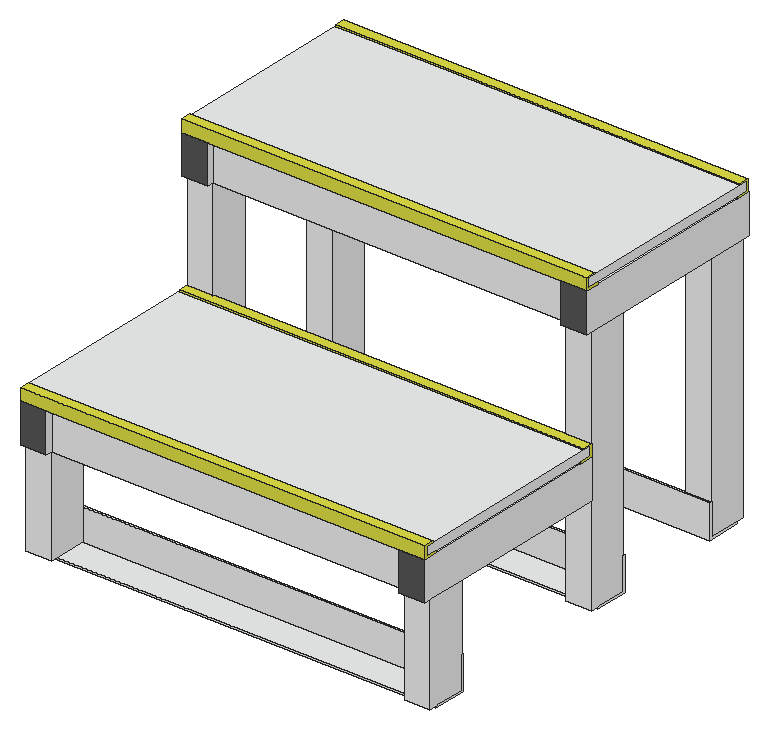
Revit family "Step_Kattsafe_Double", category Specialty Equipment, Revit 2025
Family settings
  Round Connector Dimension = Use Diameter
  Part Type = Normal
  OmniClass Number = 23.17.23.15
  Work Plane-Based = No
  Enable Cutting in Views = No
  Always vertical = Yes
  Cut with Voids When Loaded = No
  Maintain Annotation Orientation = No
  Shared = No
  Room Calculation Point = No
Parameters (values of type "Step Up (ST552.300)")
  Uniclass2015Version = "Products v1.23"
  Uniclass2015Title = "Step-over ladders"
  Uniclass2015Code = "Pr_25_30_85_85"
  URL = "https://kattsafe.com.au/"
  Type IFC Predefined Type = "USERDEFINED"
  Type Comments = "Double Step Up"
  TopPlatformDepth = if(StepOver, 600 mm, 300 mm)  # 300 mm
  StepOver = no
  SafetyDisclaimer [instance] = "WARNING! The correct placement of access, fall protection and facade maintenance systems is critical to ensure it is fit-for-purpose and safe for the operator to use. Did you know Kattsafe® have a dedicated team of Height Safety System Design Specialists? Kattsafe® provide one-on-one consultation and system design assistance to ensure you are meeting the stringent requirements of height safety and to give you PEACE OF MIND with your project."  # constant formula
  PlatformMaterial = Aluminum_Kattsafe_Mesh_Walkway
  ModifiedIssue = 20240430
  Model = "ST552.300"
  Material = Aluminum_Kattsafe_Satin
  ManufacturerURLProductSpecific = "https://kattsafe.com.au/products/platforms-stairs/steps/double-step-st552"
  ManufacturerSpecCode = Model  # "ST552.300"
  ManufacturerOverallWidth = 600 mm  # constant formula
  ManufacturerOverallHeight = 450 mm
  ManufacturerOverallDepth = if(StepOver, 1200 mm, 600 mm)  # 600 mm
  ManufacturerHeightFromFFL [instance] = 0 mm
  Manufacturer = "Kattsafe®"  # constant formula
  IfcExportType = "USERDEFINED"
  IfcExportAs = "IfcBuildingElementProxy"
  Export Type to IFC As = "IfcBuildingElementProxy"
  ElementType = "Ladder"
  Description = "Kattsafe steps provide safe and easy access to varying heights including roof areas, service platforms and other elevated areas where frequent access is required. Manufactured to Australian Standard AS/NZS 1657:2018 which ensures a high level of safety and confidence for maintenance personnel. Available in single and double configurations"  # constant formula
  Default Elevation = 0 mm
  CreatedByURL = "https://igsgroup.com.au"
  CreatedBy = "IGS BIM Solutions"  # constant formula
  BackOffsetValid = if(StepOver, 300 mm, 0 mm)  # 0 mm
  Assembly Code = "E1090100"
Types (2, lengths in mm): name | Type Comments | TopPlatformDepth | StepOver | Model | ManufacturerSpecCode | ManufacturerOverallDepth | BackOffsetValid
  Step Up (ST552.300) | "Double Step Up" | 300 | no | "ST552.300" | "ST552.300" | 600 | 0
  Step Over (ST552.600) | "Double Step Over" | 600 | yes | "ST552.600" | "ST552.600" | 1200 | 300
Reference planes
  plane 1 "Center (Front/Back)": y = 57.6
  plane 2 "Ref. Level": z = 0
  plane 3 "Centre (Left/Right)": x = 0
  plane 4 "PlatformBack": y = 357.6
  plane 5 "PlatformFront": y = 57.6
  plane 6 "Right": x = 300
  plane 7 "Left": x = -300
  plane 8 "Bottom": z = 0
  plane 9 "Centre (Elevation)": z = 225
  plane 10 "Top": z = 450
  plane 11 "PlatformFrameBack": y = 347.6
  plane 12 "Center L/U": y = 67.6
  plane 13 "LeftLegInternal": x = -262
  plane 14 "RightLegInternal": x = 262
  plane 15 "PlatformFrameBackInternal": y = 309.6
  plane 16 "PlatformFrameFrontInternal": y = 105.6
  plane 17 "PlatformFrameTop": z = 432
  plane 18 "PlatformFrameBottom": z = 374
  plane 19 "PlatformLeg2Front": y = 289.6
  plane 20 "PlatformLeg1Back": y = 125.6
  plane 21 "LegBottom": z = 3
  plane 22 "PlatformMeshTop": z = 448
  plane 23 "PlatformMeshBottom": z = 435
  plane 24 "Front": y = -242.4
  plane 25 "StepMeshTop": z = 223
  plane 26 "StepMeshBottom": z = 210
  plane 27 "StepFrameTop": z = 207
  plane 28 "StepFrameBottom": z = 149
  plane 29 "Step1FrameFront": y = -232.4
  plane 30 "Step1FrameBacktInternal": y = 19.6
  plane 31 "Step1FrameFrontInternal": y = -194.4
  plane 32 "Step1LegBack": y = -174.2
  plane 33 "Center L/RR": y = 657.6
  plane 34 "Step2FrameBack": y = 647.6
  plane 35 "Step2FrameFrontInternal": y = 395.6
  plane 36 "Step2FrameBackInternal": y = 609.6
  plane 37 "Step2LegFront": y = 589.4
  plane 38 "Back": y = 357.6
Forms (mm)
  Extrusion 1, solid, material "Aluminum_Kattsafe_Satin" <- "Material"
    sketch origin (0, 0, 0) x (1, 0, 0) y (0, 1, 0)
      loop
        line (262, 347.6) -> (-262, 347.6) -> (-262, 357.6) -> (-300, 357.6) -> (-300, 57.6) -> (-262, 57.6) -> (-262, 67.6) -> (262, 67.6) -> (262, 57.6) -> (300, 57.6) -> (300, 357.6) -> (262, 357.6) -> (262, 347.6)
      loop
        line (262, 309.6) -> (-262, 309.6) -> (-262, 105.6) -> (262, 105.6) -> (262, 309.6)
    from 374 to 432
  Extrusion 2, solid, material "Aluminum_Kattsafe_Satin" <- "Material"
    sketch origin (0, 0, 0) x (1, 0, 0) y (0, 1, 0)
      loop
        line (-300, 347.6) -> (-300, 289.6) -> (-262, 289.6) -> (-262, 347.6) -> (-300, 347.6)
      loop
        line (-300, 125.6) -> (-300, 67.6) -> (-262, 67.6) -> (-262, 125.6) -> (-300, 125.6)
      loop
        line (262, 125.6) -> (262, 67.6) -> (300, 67.6) -> (300, 125.6) -> (262, 125.6)
      loop
        line (262, 347.6) -> (262, 289.6) -> (300, 289.6) -> (300, 347.6) -> (262, 347.6)
    from 3 to 374
  Extrusion 3, solid, material "Aluminum_Kattsafe_Satin" <- "Material"
    sketch origin (0, 0, 0) x (0, 1, 0) y (0, 0, 1)
      loop
        line (289.6, 50) -> (286.6, 50) -> (286.6, 0) -> (336.6, 0) -> (336.6, 3) -> (289.6, 3) -> (289.6, 50)
      loop
        line (125.6, 50) -> (125.6, 3) -> (78.6, 3) -> (78.6, 0) -> (128.6, 0) -> (128.6, 50) -> (125.6, 50)
      loop
        line (-174.2, 50) -> (-174.2, 3) -> (-221.2, 3) -> (-221.2, 0) -> (-171.2, 0) -> (-171.2, 50) -> (-174.2, 50)
    from -300 to 300
  Extrusion 4, solid, material "Aluminum_PowderCoat_Kattsafe_Yellow"
    sketch origin (0, 0, 0) x (0, 1, 0) y (0, 0, 1)
      loop
        line (357.6, 450) -> (342.6, 450) -> (342.6, 448) -> (354.6, 448) -> (354.6, 435) -> (337.6, 435) -> (337.6, 432) -> (357.6, 432) -> (357.6, 450)
      loop
        line (57.6, 450) -> (57.6, 432) -> (77.6, 432) -> (77.6, 435) -> (60.6, 435) -> (60.6, 448) -> (72.6, 448) -> (72.6, 450) -> (57.6, 450)
      loop
        line (67.6, 225) -> (52.6, 225) -> (52.6, 223) -> (64.6, 223) -> (64.6, 210) -> (47.6, 210) -> (47.6, 207) -> (67.6, 207) -> (67.6, 225)
      loop
        line (-242.4, 225) -> (-242.4, 207) -> (-222.4, 207) -> (-222.4, 210) -> (-239.4, 210) -> (-239.4, 223) -> (-227.4, 223) -> (-227.4, 225) -> (-242.4, 225)
    from -300 to 300
  Extrusion 5, solid, material "Aluminum_Kattsafe_Mesh_Walkway" <- "PlatformMaterial"
    sketch origin (0, 0, 0) x (1, 0, 0) y (0, 1, 0)
      loop
        line (-300, 352.6) -> (-300, 62.6) -> (300, 62.6) -> (300, 352.6) -> (-300, 352.6)
    from 435 to 448
  Extrusion 6, solid, material "Aluminum_Kattsafe_Satin" <- "Material"
    sketch origin (0, 0, 0) x (1, 0, 0) y (0, 1, 0)
      loop
        line (-262, -232.4) -> (262, -232.4) -> (262, -242.4) -> (300, -242.4) -> (300, 67.6) -> (262, 67.6) -> (262, 57.6) -> (-262, 57.6) -> (-262, 67.6) -> (-300, 67.6) -> (-300, -242.4) -> (-262, -242.4) -> (-262, -232.4)
      loop
        line (-262, 19.6) -> (-262, -194.4) -> (262, -194.4) -> (262, 19.6) -> (-262, 19.6)
    from 149 to 207
  Extrusion 7, solid, material "Aluminum_Kattsafe_Satin" <- "Material", visible <- "StepOver"
    sketch origin (-653, 1044.8, 0) x (1, 0, 0) y (0, 1, 0)
      loop
        line (391, -687.2) -> (915, -687.2) -> (915, -697.2) -> (953, -697.2) -> (953, -387.2) -> (915, -387.2) -> (915, -397.2) -> (391, -397.2) -> (391, -387.2) -> (353, -387.2) -> (353, -697.2) -> (391, -697.2) -> (391, -687.2)
      loop
        line (391, -435.2) -> (391, -649.2) -> (915, -649.2) -> (915, -435.2) -> (391, -435.2)
    from 149 to 207
  Extrusion 8, solid, material "Aluminum_Kattsafe_Satin" <- "Material", visible <- "StepOver"
    sketch origin (0, 0, 0) x (0, 1, 0) y (0, 0, 1)
      loop
        line (586.4, 0) -> (636.4, 0) -> (636.4, 3) -> (589.4, 3) -> (589.4, 50) -> (586.4, 50) -> (586.4, 0)
    from -300 to 300
  Extrusion 9, solid, material "Aluminum_Kattsafe_Satin" <- "Material"
    sketch origin (0, 0, 0) x (1, 0, 0) y (0, 1, 0)
      loop
        line (-300, -174.2) -> (-300, -232.4) -> (-262, -232.4) -> (-262, -174.2) -> (-300, -174.2)
      loop
        line (262, -174.2) -> (262, -232.4) -> (300, -232.4) -> (300, -174.2) -> (262, -174.2)
    from 3 to 149
  Extrusion 10, solid, material "Aluminum_Kattsafe_Mesh_Walkway" <- "PlatformMaterial"
    sketch origin (0, 0, 0) x (1, 0, 0) y (0, 1, 0)
      loop
        line (-300, 62.6) -> (-300, -237.4) -> (300, -237.4) -> (300, 62.6) -> (-300, 62.6)
    from 210 to 223
  Extrusion 11, solid, material "Aluminum_Kattsafe_Mesh_Walkway" <- "PlatformMaterial", visible <- "StepOver"
    sketch origin (40, 1415.2, 0) x (1, 0, 0) y (0, 1, 0)
      loop
        line (-340, -762.6) -> (-340, -1062.6) -> (260, -1062.6) -> (260, -762.6) -> (-340, -762.6)
    from 210 to 223
  Extrusion 12, solid, material "Aluminum_Kattsafe_Satin" <- "Material", visible <- "StepOver"
    sketch origin (0, 0, 0) x (1, 0, 0) y (0, 1, 0)
      loop
        line (-300, 589.4) -> (-262, 589.4) -> (-262, 647.6) -> (-300, 647.6) -> (-300, 589.4)
      loop
        line (262, 589.4) -> (300, 589.4) -> (300, 647.6) -> (262, 647.6) -> (262, 589.4)
    from 3 to 149
  Extrusion 13, solid, material "Aluminum_PowderCoat_Kattsafe_Yellow", visible <- "StepOver"
    sketch origin (0, 0, 0) x (0, 1, 0) y (0, 0, 1)
      loop
        line (654.6, 223) -> (654.6, 210) -> (637.6, 210) -> (637.6, 207) -> (657.6, 207) -> (657.6, 225) -> (642.6, 225) -> (642.6, 223) -> (654.6, 223)
      loop
        line (350.6, 210) -> (350.6, 223) -> (362.6, 223) -> (362.6, 225) -> (347.6, 225) -> (347.6, 207) -> (367.6, 207) -> (367.6, 210) -> (350.6, 210)
    from -300 to 300
Lines and regions (mm)
  Masking region 1
    outline origin (0, 0, 0) x (0, -1, 0) y (1, 0, 0)
      loop
        line (-357.6, -300) -> (242.4, -300) -> (242.4, 300) -> (-357.6, 300) -> (-357.6, -300)
  symbolic lines, style "Ladders"
    curve 1: line (300, 57.6, 0) -> (-300, 57.6, 0)
  symbolic lines, style "Ladders", visible <- "StepOver"
    curve 2: line (300, 357.6, 0) -> (-300, 357.6, 0)
  symbolic lines, style "Ladders", detail levels medium+fine
    curve 3: line (300, -227.4, 0) -> (-300, -227.4, 0)
    curve 4: line (300, 72.6, 0) -> (-300, 72.6, 0)
    curve 5: line (-300, 342.6, 0) -> (300, 342.6, 0)
    curve 8: line (-300, 52.6, 0) -> (300, 52.6, 0)
  symbolic lines, style "Ladders", visible <- "StepOver", detail levels medium+fine
    curve 6: line (-300, 642.6, 0) -> (300, 642.6, 0)
    curve 7: line (300, 362.6, 0) -> (-300, 362.6, 0)
Text (mm)
  text "Disclaimer:\nDue to ongoing product development and manufacturing \nevolution, product details are subject to change without \nnotice. Please refer to product technical data sheets on \nthe manufacturers website for the most current product \ninformation. Please allow a +/- 5mm manufacturing \ntolerance for dimensions and set-outs shown in product \nliterature." at (985.527, 159.228, 0), in view "Ref. Level"
Dimensions and locks
  equal spacing: plane 7 "Left", plane 3 "Centre (Left/Right)", plane 6 "Right"
  "ManufacturerOverallWidth": plane 7 "Left" to plane 6 "Right"
  "ManufacturerOverallDepth": plane 24 "Front" to plane 38 "Back"
  equal spacing: plane 10 "Top", plane 9 "Centre (Elevation)", plane 8 "Bottom"
  "ManufacturerOverallHeight": plane 10 "Top" to plane 8 "Bottom"
  "ManufacturerHeightFromFFL": plane 8 "Bottom" to plane 2 "Ref. Level"
  locked: plane 5 "PlatformFront" to plane 12 "Center L/U" at 10
  locked: plane 11 "PlatformFrameBack" to plane 4 "PlatformBack" at 10
  locked: plane 7 "Left" to plane 13 "LeftLegInternal" at 38
  locked: plane 14 "RightLegInternal" to plane 6 "Right" at 38
  locked: plane 15 "PlatformFrameBackInternal" to plane 11 "PlatformFrameBack" at 38
  locked: plane 12 "Center L/U" to plane 16 "PlatformFrameFrontInternal" at 38
  locked: plane 10 "Top" to plane 17 "PlatformFrameTop" at 18
  locked: plane 17 "PlatformFrameTop" to plane 18 "PlatformFrameBottom" at 58
  locked: plane 12 "Center L/U" to plane 20 "PlatformLeg1Back" at 58
  locked: plane 19 "PlatformLeg2Front" to plane 11 "PlatformFrameBack" at 58
  locked: plane 21 "LegBottom" to plane 8 "Bottom" at 3
  locked: plane 8 "Bottom" to Extrusion 3 sketch curve at 50
  locked: Extrusion 5 sketch curve to plane 4 "PlatformBack" at 5
  locked: plane 5 "PlatformFront" to Extrusion 5 sketch curve at 5
  locked: plane 10 "Top" to plane 22 "PlatformMeshTop" at 2
  locked: plane 23 "PlatformMeshBottom" to plane 17 "PlatformFrameTop" at 3
  locked: plane 9 "Centre (Elevation)" to plane 25 "StepMeshTop" at 2
  locked: plane 26 "StepMeshBottom" to plane 27 "StepFrameTop" at 3
  locked: plane 9 "Centre (Elevation)" to plane 27 "StepFrameTop" at 18
  locked: plane 27 "StepFrameTop" to plane 28 "StepFrameBottom" at 58
  locked: plane 24 "Front" to plane 29 "Step1FrameFront" at 10
  locked: plane 30 "Step1FrameBacktInternal" to plane 5 "PlatformFront" at 38
  locked: plane 29 "Step1FrameFront" to plane 31 "Step1FrameFrontInternal" at 38
  locked: plane 29 "Step1FrameFront" to plane 32 "Step1LegBack" at 58.2
  plane 12 "Center L/U" to Extrusion 4 sketch curve to Extrusion 4 sketch curve to Extrusion 4 sketch curve = 3 mm locked, 12 mm locked, 5 mm locked
  plane 4 "PlatformBack" to Extrusion 4 sketch curve to Extrusion 4 sketch curve to Extrusion 4 sketch curve = 3 mm locked, 12 mm locked, 5 mm locked
  Extrusion 4 sketch curve to Extrusion 4 sketch curve to Extrusion 4 sketch curve to plane 5 "PlatformFront" = 5 mm locked, 12 mm locked, 3 mm locked
  Extrusion 10 sketch curve to plane 12 "Center L/U" = 5 mm
  Extrusion 10 sketch curve to plane 24 "Front" = 5 mm
  Extrusion 4 sketch curve to Extrusion 4 sketch curve to Extrusion 4 sketch curve to plane 24 "Front" = 5 mm locked, 12 mm locked, 3 mm locked
  locked: plane 33 "Center L/RR" to plane 34 "Step2FrameBack" at 10
  locked: plane 35 "Step2FrameFrontInternal" to plane 4 "PlatformBack" at 38
  locked: plane 34 "Step2FrameBack" to plane 36 "Step2FrameBackInternal" at 38
  locked: plane 34 "Step2FrameBack" to plane 37 "Step2LegFront" at 58.2
  locked: plane 33 "Center L/RR" to plane 4 "PlatformBack" at 300
  locked: plane 37 "Step2LegFront" to Extrusion 8 sketch curve at 3
  locked: Extrusion 8 sketch curve to plane 37 "Step2LegFront" at 47
  locked: plane 33 "Center L/RR" to Extrusion 11 sketch curve at 5
  locked: Extrusion 11 sketch curve to plane 11 "PlatformFrameBack" at 5
  plane 33 "Center L/RR" to Extrusion 13 sketch curve to Extrusion 13 sketch curve to Extrusion 13 sketch curve = 3 mm locked, 12 mm locked, 5 mm locked
  Extrusion 13 sketch curve to Extrusion 13 sketch curve to Extrusion 13 sketch curve to plane 11 "PlatformFrameBack" = 5 mm locked, 12 mm locked, 3 mm locked
  equal spacing: plane 24 "Front", plane 1 "Center (Front/Back)", plane 38 "Back"
  "BackOffsetValid": plane 4 "PlatformBack" to plane 38 "Back"
  locked: plane 24 "Front" to plane 5 "PlatformFront" at 300
  Extrusion 3 sketch curve to plane 32 "Step1LegBack" to Extrusion 3 sketch curve = 3 mm locked, 47 mm locked
  Extrusion 3 sketch curve to plane 19 "PlatformLeg2Front" to Extrusion 3 sketch curve = 47 mm locked, 3 mm locked
  Extrusion 3 sketch curve to plane 20 "PlatformLeg1Back" to Extrusion 3 sketch curve = 3 mm locked, 47 mm locked
  aligned and locked: level to plane 2 "Ref. Level"
  aligned and locked: Extrusion 1 sketch curve to plane 11 "PlatformFrameBack"
  aligned and locked: Extrusion 1 sketch curve to plane 7 "Left"
  aligned and locked: Extrusion 1 sketch curve to plane 6 "Right"
  aligned and locked: Extrusion 1 sketch curve to plane 12 "Center L/U"
  aligned and locked: Extrusion 1 sketch curve to plane 15 "PlatformFrameBackInternal"
  aligned and locked: Extrusion 1 sketch curve to plane 13 "LeftLegInternal"  (x3)
  aligned and locked: Extrusion 1 sketch curve to plane 16 "PlatformFrameFrontInternal"
  aligned and locked: Extrusion 1 sketch curve to plane 14 "RightLegInternal"  (x3)
  aligned and locked: Extrusion 1 to plane 17 "PlatformFrameTop"
  aligned and locked: plane 18 "PlatformFrameBottom" to Extrusion 1
  aligned and locked: Extrusion 1 sketch curve to plane 4 "PlatformBack"  (x2)
  aligned and locked: Extrusion 1 sketch curve to plane 5 "PlatformFront"  (x2)
  aligned and locked: plane 11 "PlatformFrameBack" to Extrusion 2 sketch curve  (x2)
  aligned and locked: Extrusion 2 sketch curve to plane 19 "PlatformLeg2Front"  (x2)
  aligned and locked: Extrusion 2 sketch curve to plane 6 "Right"  (x2)
  aligned and locked: plane 14 "RightLegInternal" to Extrusion 2 sketch curve  (x2)
  aligned and locked: plane 7 "Left" to Extrusion 2 sketch curve  (x2)
  aligned and locked: Extrusion 2 sketch curve to plane 13 "LeftLegInternal"  (x2)
  aligned and locked: plane 20 "PlatformLeg1Back" to Extrusion 2 sketch curve  (x2)
  aligned and locked: Extrusion 2 sketch curve to plane 12 "Center L/U"  (x2)
  aligned and locked: Extrusion 2 to plane 18 "PlatformFrameBottom"
  aligned and locked: plane 21 "LegBottom" to Extrusion 2
  aligned and locked: plane 19 "PlatformLeg2Front" to Extrusion 3 sketch curve
  aligned and locked: plane 20 "PlatformLeg1Back" to Extrusion 3 sketch curve
  aligned and locked: plane 8 "Bottom" to Extrusion 3 sketch curve  (x2)
  aligned and locked: plane 21 "LegBottom" to Extrusion 3 sketch curve  (x2)
  aligned and locked: Extrusion 3 sketch curve to Extrusion 3 sketch curve
  aligned and locked: plane 6 "Right" to Extrusion 3
  aligned and locked: Extrusion 3 to plane 7 "Left"
  aligned and locked: plane 17 "PlatformFrameTop" to Extrusion 4 sketch curve
  aligned and locked: Extrusion 4 sketch curve to plane 10 "Top"
  aligned and locked: plane 10 "Top" to Extrusion 4 sketch curve
  aligned and locked: Extrusion 4 sketch curve to plane 17 "PlatformFrameTop"
  aligned and locked: Extrusion 4 to plane 7 "Left"
  aligned and locked: plane 6 "Right" to Extrusion 4
  aligned and locked: plane 7 "Left" to Extrusion 5 sketch curve
  aligned and locked: Extrusion 5 sketch curve to plane 6 "Right"
  aligned and locked: Extrusion 5 to plane 22 "PlatformMeshTop"
  aligned and locked: plane 23 "PlatformMeshBottom" to Extrusion 5
  aligned and locked: Extrusion 4 sketch curve to plane 5 "PlatformFront"
  aligned and locked: Extrusion 4 sketch curve to plane 4 "PlatformBack"
  aligned and locked: Extrusion 6 sketch curve to plane 13 "LeftLegInternal"  (x3)
  aligned and locked: Extrusion 6 sketch curve to plane 7 "Left"
  aligned and locked: Extrusion 6 sketch curve to plane 24 "Front"  (x2)
  aligned and locked: Extrusion 6 sketch curve to plane 29 "Step1FrameFront"
  aligned and locked: Extrusion 6 sketch curve to plane 14 "RightLegInternal"  (x3)
  aligned and locked: Extrusion 6 sketch curve to plane 6 "Right"
  aligned and locked: Extrusion 6 sketch curve to plane 12 "Center L/U"  (x2)
  aligned and locked: plane 27 "StepFrameTop" to Extrusion 6
  aligned and locked: Extrusion 6 to plane 28 "StepFrameBottom"
  aligned and locked: Extrusion 6 sketch curve to plane 5 "PlatformFront"
  aligned and locked: Extrusion 6 sketch curve to plane 30 "Step1FrameBacktInternal"
  aligned and locked: Extrusion 6 to plane 31 "Step1FrameFrontInternal"
  aligned and locked: plane 27 "StepFrameTop" to Extrusion 7
  aligned and locked: Extrusion 3 sketch curve to plane 21 "LegBottom"
  aligned and locked: Extrusion 3 sketch curve to plane 8 "Bottom"
  aligned and locked: Extrusion 7 to plane 28 "StepFrameBottom"
  aligned and locked: plane 6 "Right" to Extrusion 8
  aligned and locked: Extrusion 8 to plane 7 "Left"
  aligned and locked: Extrusion 3 sketch curve to plane 32 "Step1LegBack"
  aligned and locked: plane 32 "Step1LegBack" to Extrusion 9 sketch curve  (x2)
  aligned and locked: plane 7 "Left" to Extrusion 9 sketch curve
  aligned and locked: Extrusion 9 sketch curve to plane 13 "LeftLegInternal"
  aligned and locked: Extrusion 9 sketch curve to plane 29 "Step1FrameFront"  (x2)
  aligned and locked: plane 14 "RightLegInternal" to Extrusion 9 sketch curve
  aligned and locked: Extrusion 9 sketch curve to plane 6 "Right"
  aligned and locked: plane 28 "StepFrameBottom" to Extrusion 9
  aligned and locked: plane 21 "LegBottom" to Extrusion 9
  aligned and locked: plane 8 "Bottom" to Extrusion 8 sketch curve
  aligned and locked: Extrusion 8 sketch curve to plane 21 "LegBottom"
  aligned and locked: Extrusion 7 sketch curve to plane 6 "Right"
  aligned and locked: Extrusion 7 sketch curve to plane 14 "RightLegInternal"  (x3)
  aligned and locked: Extrusion 7 sketch curve to plane 13 "LeftLegInternal"  (x3)
  aligned and locked: Extrusion 7 sketch curve to plane 7 "Left"
  aligned and locked: plane 9 "Centre (Elevation)" to Extrusion 4 sketch curve
  aligned and locked: plane 27 "StepFrameTop" to Extrusion 4 sketch curve
  aligned and locked: Extrusion 4 sketch curve to plane 26 "StepMeshBottom"
  aligned and locked: plane 25 "StepMeshTop" to Extrusion 4 sketch curve
  aligned and locked: Extrusion 4 sketch curve to plane 25 "StepMeshTop"
  aligned and locked: Extrusion 4 sketch curve to plane 9 "Centre (Elevation)"
  aligned and locked: Extrusion 4 sketch curve to plane 12 "Center L/U"
  aligned and locked: Extrusion 4 sketch curve to plane 27 "StepFrameTop"
  aligned and locked: plane 26 "StepMeshBottom" to Extrusion 4 sketch curve
  aligned and locked: plane 23 "PlatformMeshBottom" to Extrusion 4 sketch curve
  aligned and locked: Extrusion 4 sketch curve to plane 22 "PlatformMeshTop"
  aligned and locked: plane 22 "PlatformMeshTop" to Extrusion 4 sketch curve
  aligned and locked: Extrusion 4 sketch curve to plane 23 "PlatformMeshBottom"
  aligned and locked: plane 7 "Left" to Extrusion 10 sketch curve
  aligned and locked: Extrusion 10 sketch curve to plane 6 "Right"
  aligned and locked: Extrusion 4 sketch curve to plane 24 "Front"
  aligned and locked: Extrusion 10 to plane 26 "StepMeshBottom"
  aligned and locked: plane 25 "StepMeshTop" to Extrusion 10
  aligned and locked: plane 25 "StepMeshTop" to Extrusion 11
  aligned and locked: Extrusion 11 to plane 26 "StepMeshBottom"
  aligned and locked: Extrusion 7 sketch curve to plane 11 "PlatformFrameBack"  (x2)
  aligned and locked: Extrusion 7 sketch curve to plane 4 "PlatformBack"
  aligned and locked: Extrusion 7 sketch curve to plane 35 "Step2FrameFrontInternal"
  aligned and locked: plane 36 "Step2FrameBackInternal" to Extrusion 7 sketch curve
  aligned and locked: plane 34 "Step2FrameBack" to Extrusion 7 sketch curve
  aligned and locked: plane 33 "Center L/RR" to Extrusion 7 sketch curve  (x2)
  aligned and locked: plane 37 "Step2LegFront" to Extrusion 8 sketch curve
  aligned and locked: plane 7 "Left" to Extrusion 11 sketch curve
  aligned and locked: Extrusion 11 sketch curve to plane 6 "Right"
  aligned and locked: Extrusion 12 sketch curve to plane 7 "Left"
  aligned and locked: plane 13 "LeftLegInternal" to Extrusion 12 sketch curve
  aligned and locked: Extrusion 12 sketch curve to plane 14 "RightLegInternal"
  aligned and locked: plane 6 "Right" to Extrusion 12 sketch curve
  aligned and locked: Extrusion 12 sketch curve to plane 37 "Step2LegFront"  (x2)
  aligned and locked: plane 34 "Step2FrameBack" to Extrusion 12 sketch curve  (x2)
  aligned and locked: plane 28 "StepFrameBottom" to Extrusion 12
  aligned and locked: plane 21 "LegBottom" to Extrusion 12
  aligned and locked: plane 9 "Centre (Elevation)" to Extrusion 13 sketch curve  (x2)
  aligned and locked: plane 25 "StepMeshTop" to Extrusion 13 sketch curve  (x2)
  aligned and locked: Extrusion 13 sketch curve to plane 26 "StepMeshBottom"  (x2)
  aligned and locked: plane 27 "StepFrameTop" to Extrusion 13 sketch curve  (x2)
  aligned and locked: Extrusion 13 to plane 7 "Left"
  aligned and locked: plane 6 "Right" to Extrusion 13
  aligned and locked: Masking region 1 sketch curve to plane 24 "Front"
  aligned and locked: Masking region 1 sketch curve to plane 6 "Right"
  aligned and locked: plane 7 "Left" to Masking region 1 sketch curve
  aligned and locked: plane 38 "Back" to Masking region 1 sketch curve
  aligned and locked: curve 1 to plane 5 "PlatformFront"
  aligned and locked: plane 6 "Right" to curve 1
  aligned and locked: plane 7 "Left" to curve 1
  aligned and locked: curve 2 to plane 4 "PlatformBack"
  aligned and locked: plane 6 "Right" to curve 2
  aligned and locked: plane 7 "Left" to curve 2
  aligned and locked: curve 3 to Extrusion 4
  aligned and locked: curve 4 to Extrusion 4
  aligned and locked: curve 5 to Extrusion 4
  aligned and locked: curve 6 to Extrusion 13
  aligned and locked: curve 7 to Extrusion 13
  aligned and locked: curve 8 to Extrusion 4
Automatic sketch dimensions
  Extrusion 3 sketch curve to plane 21 "LegBottom" = 47 mm
  plane 31 "Step1FrameFrontInternal" to Extrusion 6 sketch curve = 0 mm
  Extrusion 8 sketch curve to plane 21 "LegBottom" = 47 mm
  Extrusion 13 sketch curve to plane 11 "PlatformFrameBack" = 0 mm
  Extrusion 13 sketch curve to plane 33 "Center L/RR" = 0 mm
  curve 3 to plane 7 "Left" = 0 mm
  curve 3 to plane 6 "Right" = 0 mm
  curve 4 to plane 7 "Left" = 0 mm
  curve 4 to plane 6 "Right" = 0 mm
  curve 5 to plane 7 "Left" = 0 mm
  curve 5 to plane 6 "Right" = 0 mm
  curve 6 to plane 7 "Left" = 0 mm
  curve 6 to plane 6 "Right" = 0 mm
  curve 7 to plane 7 "Left" = 0 mm
  curve 7 to plane 6 "Right" = 0 mm
  curve 8 to plane 7 "Left" = 0 mm
  curve 8 to plane 6 "Right" = 0 mm
